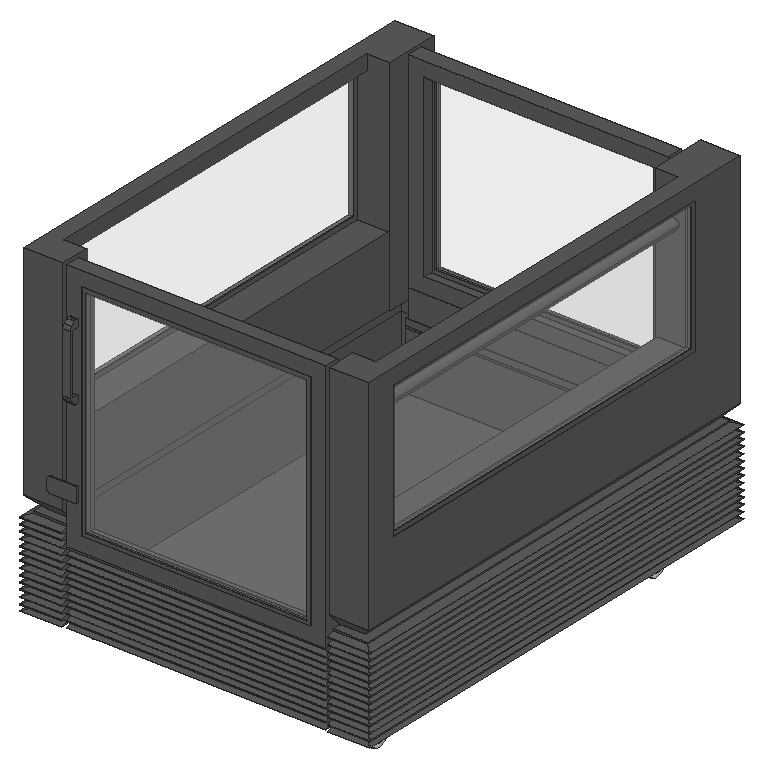
Revit family "Lift_Wheelchair_Ascension_Virtuoso-Portable", category Specialty Equipment, Revit 2026
Family settings
  Round Connector Dimension = Use Diameter
  Part Type = Normal
  Classification Number = 23.50.05.14.17.11
  Work Plane-Based = No
  Enable Cutting in Views = No
  Always vertical = Yes
  Cut with Voids When Loaded = No
  Maintain Annotation Orientation = No
  Shared = No
  Room Calculation Point = No
Parameters (values of type "as Specified")
  Warranty Duration (Years) = 0
  Unit Width = 3' - 11 1/4"
  Unit Weight = 1025
  Unit Length = 5' - 4 3/4"
  Unit Height = 3' - 8"
  URL = "http://www.wheelchairlift.com/"
  Type Comments = "Unit can collapse to fit through 36'' entrances"
  Test Data = ""
  Standards Conformance = "ADAAG  ;  ASME 17.1 1996, A18.1  ;  ANSI 117.1"
  Specification = "http://www.arcat.com/sdspecs/htm04/14_42_16asc.htm"
  SpecWizard = ""
  Send Message = ""
  Sales Information = "http://www.wheelchairlift.com/about/where-to-buy"
  Revision = "R1_2015-08"
  Product Properties = ""
  Product Data = "http://www.arcat.com/arcatcos/cos30/arc30670.html"
  Platform Clear Width = 3' - 0"
  Platform Clear Length = 4' - 6 1/4"
  Model = "Virtuoso 5460P"
  Max Height = 0' - 0"
  Manufacturer Website = "http://www.wheelchairlift.com/"
  Manufacturer Phone - Toll Free = "800-459-0400"
  Manufacturer Phone = "520-881-3993"
  Manufacturer Fax = "520-881-4983"
  Manufacturer Address = "3526 E. Ft. Lowell Rd. Tucson, AZ 85716"
  Manufacturer = "Ascension"
  Maintenance Schedule (Months) = 0
  Lift Travel Speed = "7 ft/min"
  Lift Height = 5' - 0"
  Keynote = "14420"
  Installation-Fabrication = ""
  Installation Phase = ""
  Green Building-LEED = ""
  Glazing Type [instance] = "Thermoplastic Panels"
  Glazing Tint [instance] = Plastic- Ascension - Clear
  Frame Finish [instance] = Steel - Ascension - Black Powdercoat
  Expected Lifespan (Years) = 0
  Electrical_Voltage = 120 V
  Electrical_Phase = 1
  Electrical_Frequency = 60 Hz
  Electrical_Amperage = 13 A
  Drawn By = "Sumex Design, Inc."
  Description = "Ascension Portable Wheelchair Vertical Lift - Virtuoso 5460P as Specified"
  Default Elevation = 0' - 0"
  Copyright = "©Arcat Inc."  # constant formula
  Construction Details = ""
  Clearance Height = 0' - 0"
  Clearance Depth = 0' - 0"
  Casters Visible [instance] = yes
  Caster Height [instance] = if(Casters Visible, 0' 4 1/4", 0' 0")  # 0' - 4 1/4"
  Capacity = "1 Person Occupancy @ 750 lbs"
  Building Codes = ""
  Available Options = "as Specified"
  Assembly Code = "D1010310"
Reference planes (in)
  plane 1 "Center (Front/Back)": y = 0
  plane 2: z = 0
  plane 3 "Center (Left/Right)": x = 0
  plane 4 "Left": x = -18
  plane 5 "Right": x = 18
  plane 6 "Front Door": y = -27.745
  plane 7 "Back Door": y = 26.575
  plane 8: x = -23.375
  plane 9: x = 23.375
  plane 10 "Back": y = 31.375
  plane 11 "Front": y = -31.375
  plane 12: z = 48.25
  plane 13 "top window": z = 46.25
  plane 14: z = 7.49996
  plane 15: x = -19
  plane 16: x = 19
  plane 17 "Landing": y = 32.375
  plane 18: x = -22.6875
  plane 19: x = 22.6875
  plane 20: z = 4.25
  plane 21 "Wheel Left": x = -18.9375
  plane 22 "Wheel Right": x = 18.9375
  plane 23 "Wheel Back": y = 24.375
  plane 24 "Wheel Front": y = -27.375
  plane 25: y = 23.885
  plane 26: y = -27.155
  plane 27 "bottom window": z = 27.75
  plane 28: z = 18.25
  plane 29: y = -23.875
  plane 30: z = 43.875
  plane 31: z = 16.25
  plane 32: z = 16.755
  plane 33: y = -27.425
  plane 34: z = 28.25
  plane 35: z = 45.75
Forms (in)
  Extrusion 1, solid, material "Steel - Ascension - Black Powdercoat" <- "Frame Finish"
    sketch origin (0, 0, 0) x (1, 0, 0) y (0, 1, 0)
      loop
        line (-23.375, 31.375) -> (-23.375, 23.885) -> (-18, 23.885) -> (-18, 31.375) -> (-23.375, 31.375)
      loop
        line (-23.375, -31.375) -> (-18, -31.375) -> (-18, -27.375) -> (-23.375, -27.375) -> (-23.375, -31.375)
      loop
        line (18, 31.375) -> (18, 23.885) -> (23.375, 23.885) -> (23.375, 31.375) -> (18, 31.375)
      loop
        line (18, -31.375) -> (23.375, -31.375) -> (23.375, -27.375) -> (18, -27.375) -> (18, -31.375)
    from 18.25 to 48.25
  Extrusion 2, solid, material "Steel - Ascension - Black Powdercoat" <- "Frame Finish"
    sketch origin (0, 0, 5.875) x (0, 1, 0) y (0, 0, 1)
      loop
        line (29.125, -1.625) -> (29.125, 1.25) -> (-19.375, 1.25) -> (-26.375, 0.25) -> (-27.375, -1.625) -> (29.125, -1.625)
    from -18 to 18
  Extrusion 3, solid, material "Plastic- Ascension - Clear" <- "Glazing Tint"
    sketch origin (0, 0, 0) x (1, 0, 0) y (0, 1, 0)
      loop
        line (-23.125, 23.635) -> (-23.125, -26.875) -> (-22.6875, -26.875) -> (-22.6875, 23.635) -> (-23.125, 23.635)
      loop
        line (22.6875, 23.385) -> (22.6875, -26.875) -> (23.125, -26.875) -> (23.125, 23.385) -> (22.6875, 23.385)
    from 28.25 to 45.75
  Extrusion 4, solid, material "Steel - Ascension - Black Powdercoat" <- "Frame Finish"
    sketch origin (8.48588, -27.745, -7.68467) x (-1, 0, 0) y (0, 0, 1)
      loop
        circle (-11.82289, 49.93467) r 0.75
    from 0.59 to 51.63
  Sweep 5, solid, material "Steel - Ascension - Black Powdercoat" <- "Frame Finish"
    path origin (0, 0, 0) x (0, 1, 0) y (0, 0, 1)
      loop
        line (23.885, 27.75) -> (23.885, 46.25) -> (-27.375, 46.25) -> (-27.375, 27.75) -> (23.885, 27.75)
    profile origin (0, -1.745, 27.75) x (0, 0, -1) y (1, 0, 0)
      loop
        line (0, -23.1875) -> (0, -22.4375) -> (-0.5, -22.4375) -> (-0.5, -23.1875) -> (0, -23.1875)
      loop
        line (0, 22.4375) -> (0, 23.1875) -> (-0.5, 23.1875) -> (-0.5, 22.4375) -> (0, 22.4375)
  Sweep 6, solid, material "Steel - Ascension - Black Powdercoat" <- "Frame Finish"
    path origin (0, 0, 0) x (1, 0, 0) y (0, 1, 0)
      loop
        line (18, 31.375) -> (23.375, 31.375) -> (23.375, -31.375) -> (18, -31.375)
    profile origin (20.6875, 31.375, 0) x (0, 1, 0) y (0, 0, 1)
      loop
        line (0, 18.25) -> (-4, 18.25) -> (-4, 16.25) -> (-2, 16.25) -> (0, 18.25)
  Sweep 7, solid, material "Steel - Ascension - Black Powdercoat" <- "Frame Finish"
    path origin (0, 0, 0) x (1, 0, 0) y (0, 1, 0)
      loop
        line (-18, -31.375) -> (-23.375, -31.375) -> (-23.375, 31.375) -> (-18, 31.375)
    profile origin (-20.6875, -31.375, 0) x (0, -1, 0) y (0, 0, 1)
      loop
        line (0, 18.25) -> (-4, 18.25) -> (-4, 16.25) -> (-2, 16.25) -> (0, 18.25)
  Sweep 8, solid, material "Steel - Ascension - Black Powdercoat" <- "Frame Finish"
    path origin (-38.80895, -180, 4.25) x (-1, 0, 0) y (0, -1, 0)
      loop
        line (-56.80895, -148.625) -> (-62.18395, -148.625) -> (-62.18395, -211.375) -> (-15.43395, -211.375) -> (-15.43395, -148.625) -> (-20.80895, -148.625)
    profile origin (20.6875, -31.375, 4.25) x (0, 1, 0) y (0, 0, 1)
      loop
        line (3.95, 12) -> (0.75, 12) -> (0.75, 11.78) -> (-0.25, 11.44) -> (-0.25, 11.34) -> (0.75, 11) -> (0.75, 10.9) -> (-0.25, 10.56) -> (-0.25, 10.46) -> (0.75, 10.12) -> (0.75, 10.02) -> (-0.25, 9.68) -> (-0.25, 9.58) -> (0.75, 9.24) -> (0.75, 9.14) -> (-0.25, 8.8) -> (-0.25, 8.7) -> (0.75, 8.36) -> (0.75, 8.26) -> (-0.25, 7.92) -> (-0.25, 7.82) -> (0.75, 7.48) -> (0.75, 7.38) -> (-0.25, 7.04) -> (-0.25, 6.94) -> (0.75, 6.6) -> (0.75, 6.5) -> (-0.25, 6.16) -> (-0.25, 6.06) -> (0.75, 5.72) -> (0.75, 5.62) -> (-0.25, 5.28) -> (-0.25, 5.18) -> (0.75, 4.84) -> (0.75, 4.74) -> (-0.25, 4.4) -> (-0.25, 4.3) -> (0.75, 3.96) -> (0.75, 3.86) -> (-0.25, 3.52) -> (-0.25, 3.42) -> (0.75, 3.08) -> (0.75, 2.98) -> (-0.25, 2.64) -> (-0.25, 2.54) -> (0.75, 2.2) -> (0.75, 2.1) -> (-0.25, 1.76) -> (-0.25, 1.66) -> (0.75, 1.32) -> (0.75, 1.22) -> (-0.25, 0.88) -> (-0.25, 0.78) -> (0.75, 0.44) -> (0.75, 0.34) -> (-0.25, 0) -> (3.95, 0) -> (3.95, 12)
  Extrusion 9, void
    sketch origin (0, 26.575, 0) x (-1, 0, 0) y (0, 0, 1)
      loop
        line (-18, 16.25) -> (-18, 15) -> (18, 15) -> (18, 16.25) -> (-18, 16.25)
    from -2.69 to 12
  Extrusion 10, solid, material "Steel - Ascension - Black Powdercoat"
    sketch origin (-37.67978, -9.1015, 16.25) x (-1, 0, 0) y (0, -1, 0)
      loop
        line (-19.67978, -35.6765) -> (-55.67978, -35.6765) -> (-55.67978, -36.6765) -> (-19.67978, -36.6765) -> (-19.67978, -35.6765)
    from -12 to 0
  Extrusion 11, solid, material "Steel - Ascension - Black Powdercoat"
    sketch origin (29.19949, 0, 16.755) x (1, 0, 0) y (0, 1, 0)
      loop
        line (-47.19949, 32.375) -> (-47.19949, 26.575) -> (-11.19949, 26.575) -> (-11.19949, 32.375) -> (-47.19949, 32.375)
    from -1.755 to -1.505
  Extrusion 12, solid, material "Steel - Ascension - Black Powdercoat" <- "Frame Finish"
    sketch origin (23.375, 31.18445, 48) x (0, 1, 0) y (0, 0, 1)
      loop
        line (-58.55945, 0.25) -> (-58.55945, -1.75) -> (-7.29945, -1.75) -> (-7.29945, 0.25) -> (-58.55945, 0.25)
    from 0 to -2.25
  Extrusion 13, solid, material "Steel - Ascension - Black Powdercoat" <- "Frame Finish"
    sketch origin (-23.375, 31.18445, 48) x (0, 1, 0) y (0, 0, 1)
      loop
        line (-58.55945, 0.25) -> (-58.55945, -1.75) -> (-7.29945, -1.75) -> (-7.29945, 0.25) -> (-58.55945, 0.25)
    from 0 to 2.25
  Extrusion 14, solid, material "Steel - Ascension - Black Powdercoat" <- "Frame Finish"
    sketch origin (23.375, 31.18445, 48) x (0, 1, 0) y (0, 0, 1)
      loop
        line (-7.29945, -20.25) -> (-58.55945, -20.25) -> (-58.55945, -29.75) -> (-7.29945, -29.75) -> (-7.29945, -20.25)
    from 0 to -5.1875
  Extrusion 15, solid, material "Steel - Ascension - Black Powdercoat" <- "Frame Finish"
    sketch origin (-23.375, 31.18445, 48) x (0, 1, 0) y (0, 0, 1)
      loop
        line (-7.29945, -20.25) -> (-58.55945, -20.25) -> (-58.55945, -29.75) -> (-7.29945, -29.75) -> (-7.29945, -20.25)
    from 0 to 5.1875
  Extrusion 16, solid, material "Steel - Ascension - Black Powdercoat" <- "Frame Finish"
    sketch origin (0, -27.745, 0) x (-1, 0, 0) y (0, 0, 1)
      loop
        line (20.9375, 4.25) -> (20.9375, 5.03) -> (-20.9375, 5.03) -> (-20.9375, 4.25) -> (20.9375, 4.25)
    from -1.63 to 56.87
  Extrusion 17, solid, material "Steel - Ascension - Black Powdercoat" <- "Frame Finish"
    sketch origin (-50.01252, 31.375, 48) x (-1, 0, 0) y (0, 0, 1)
      loop
        line (-30.32502, -0.08299) -> (-30.32502, -6.08299) -> (-28.45002, -6.08299) -> (-28.45002, -0.08299) -> (-30.32502, -0.08299)
    from 0 to 0.125
  Extrusion 18, solid, material "Steel - Ascension - Black Powdercoat" <- "Frame Finish"
    sketch origin (-50.01252, 31.375, 48) x (-1, 0, 0) y (0, 0, 1)
      loop
        line (-29.8147, -1.76501) -> (-29.8147, -4.51501) -> (-28.9397, -4.51501) -> (-28.9397, -1.76501) -> (-29.8147, -1.76501)
    from 0 to 0.75
Cuts and joins
  joined: Extrusion 1, Sweep 7, Extrusion 12, Extrusion 13, Extrusion 14, Extrusion 15
  Extrusion 9 cuts Sweep 8
  joined: Extrusion 2, Sweep 8, Extrusion 16
Lines and regions (in)
  model lines
    curve 1: line (23.375, -19.375, 26.75) -> (23.375, -19.375, 19.25)
    curve 2: line (23.375, -19.375, 19.25) -> (23.375, -5.375, 19.25)
    curve 3: line (23.375, -5.375, 19.25) -> (23.375, -5.375, 26.75)
    curve 4: line (23.375, -5.375, 26.75) -> (23.375, -19.375, 26.75)
    curve 5: line (-23.375, -19.375, 26.75) -> (-23.375, -19.375, 19.25)
    curve 6: line (-23.375, -19.375, 19.25) -> (-23.375, -5.375, 19.25)
    curve 7: line (-23.375, -5.375, 19.25) -> (-23.375, -5.375, 26.75)
    curve 8: line (-23.375, -5.375, 26.75) -> (-23.375, -19.375, 26.75)
Dimensions and locks (in)
  equal spacing: plane 10 "Back", plane 1 "Center (Front/Back)", plane 11 "Front"
  equal spacing: plane 4 "Left", plane 3 "Center (Left/Right)", plane 5 "Right"
  equal spacing: plane 8, plane 3 "Center (Left/Right)", plane 9
  locked: plane 12 to plane 13 "top window" at 2
  locked: plane 5 "Right" to plane 16 at 1
  locked: plane 15 to plane 4 "Left" at 1
  locked: plane 17 "Landing" to plane 10 "Back" at 1
  plane 8 to plane 18 = 0' - 0 11/16"
  plane 19 to plane 9 = 0' - 0 11/16"
  "Caster Height": plane 20 to level
  "Unit Height": plane 12 to plane 20
  plane 21 "Wheel Left" to plane 8 = 0' - 4 7/16"
  plane 9 to plane 22 "Wheel Right" = 0' - 4 7/16"
  locked: plane 10 "Back" to plane 23 "Wheel Back" at 7
  locked: plane 24 "Wheel Front" to plane 11 "Front" at 4
  plane 10 "Back" to plane 25 = 0' - 7.49"
  plane 26 to plane 11 "Front" = 0' - 4.22"
  plane 25 to plane 29 = 3' - 11.76"
  plane 31 to plane 14 to plane 20 = 0' - 8.75004" locked, 0' - 3.24996" locked
  locked: plane 12 to plane 30 at 4.375
  plane 28 to plane 32 to plane 31 = 0' - 1.495" locked, 0' - 0.505" locked
  locked: plane 12 to plane 35 at 2.5
  locked: plane 34 to plane 27 "bottom window" at 0.5
  locked: plane 12 to plane 27 "bottom window" at 20.5
  locked: plane 31 to Extrusion 9 sketch curve at 1.25
  Extrusion 18 sketch curve to Extrusion 18 sketch curve to plane 12 = 0' - 2 3/4" locked, 0' - 2.01501" locked
  Extrusion 17 sketch curve to Extrusion 17 sketch curve to plane 12 = 0' - 6" locked, 0' - 0.33299" locked
  aligned and locked: level to plane 2
  aligned and locked: Extrusion 1 to plane 11 "Front"  (x2)
  aligned and locked: plane 10 "Back" to Extrusion 1  (x2)
  aligned and locked: plane 4 "Left" to Extrusion 1
  aligned and locked: Extrusion 1 to plane 8
  aligned and locked: Extrusion 1 to plane 5 "Right"
  aligned and locked: plane 9 to Extrusion 1
  aligned and locked: plane 12 to Extrusion 1
  aligned and locked: plane 5 "Right" to Extrusion 2
  aligned and locked: Extrusion 2 to plane 4 "Left"
  aligned and locked: plane 21 "Wheel Left" to nested 4
  aligned and locked: plane 21 "Wheel Left" to nested 1
  aligned and locked: plane 22 "Wheel Right" to nested 2
  aligned and locked: plane 22 "Wheel Right" to nested 3
  aligned and locked: plane 25 to Sweep 5 sketch curve
  aligned and locked: plane 27 "bottom window" to Sweep 5 sketch curve
  aligned and locked: plane 12 to nested 5
  aligned and locked: nested 6 to plane 12
  aligned and locked: Sweep 7 sketch curve to plane 28
  aligned and locked: plane 31 to Sweep 7 sketch curve
  aligned and locked: Sweep 6 sketch curve to plane 28
  aligned and locked: plane 31 to Sweep 6 sketch curve
  aligned and locked: Sweep 8 sketch curve to plane 20
  aligned and locked: plane 31 to Sweep 8 sketch curve
  aligned and locked: Extrusion 3 to plane 35
  aligned and locked: plane 34 to Extrusion 3
  aligned and locked: Extrusion 1 to plane 28
Automatic sketch dimensions
  plane 16 to Extrusion 4 sketch curve = 0' - 1.30877"
  Extrusion 4 sketch curve to plane 30 = 0' - 1 5/8"
  Sweep 5 sketch curve to profile plane = 0' - 0"  (x2)
  Sweep 5 sketch curve to plane 3 "Center (Left/Right)" = 1' - 11 3/16"
  plane 3 "Center (Left/Right)" to Sweep 5 sketch curve = 1' - 10 7/16"
  Sweep 5 sketch curve to Sweep 5 sketch curve = 0' - 0 3/4"  (x2)
  Sweep 5 sketch curve to plane 24 "Wheel Front" = 0' - 0"
  Sweep 5 sketch curve to plane 13 "top window" = 0' - 0"
  profile plane to Sweep 5 sketch curve = 0' - 0 1/2"  (x2)
  Extrusion 1 sketch curve to plane 8 = 0' - 0"  (x2)
  Extrusion 1 sketch curve to plane 4 "Left" = 0' - 0"  (x2)
  Extrusion 1 sketch curve to plane 5 "Right" = 0' - 0"  (x2)
  Extrusion 1 sketch curve to plane 9 = 0' - 0"  (x2)
  Extrusion 1 sketch curve to plane 11 "Front" = 0' - 0"  (x2)
  plane 24 "Wheel Front" to Extrusion 1 sketch curve = 0' - 0"  (x2)
  Extrusion 1 sketch curve to plane 25 = 0' - 0"  (x2)
  Extrusion 1 sketch curve to plane 10 "Back" = 0' - 0"  (x2)
  Extrusion 2 sketch curve to plane 20 = 0' - 0"
  Extrusion 2 sketch curve to plane 24 "Wheel Front" = 0' - 0"
  plane 26 to Extrusion 2 sketch curve = 0' - 0.78"
  Extrusion 2 sketch curve to plane 14 = 0' - 0.37496"
  plane 29 to Extrusion 2 sketch curve = 0' - 4 1/2"
  Extrusion 2 sketch curve to plane 10 "Back" = 0' - 2 1/4"
  Extrusion 2 sketch curve to plane 14 = 0' - 1.37496"
  Extrusion 3 sketch curve to plane 18 = 0' - 0"
  Extrusion 3 sketch curve to plane 19 = 0' - 0"
  plane 8 to Extrusion 3 sketch curve = 0' - 0 1/4"
  Extrusion 3 sketch curve to plane 9 = 0' - 0 1/4"
  plane 26 to Extrusion 3 sketch curve = 0' - 0.28"
  Extrusion 3 sketch curve to plane 29 = 0' - 3"
  Extrusion 3 sketch curve to plane 25 = 0' - 0 1/2"
  Extrusion 3 sketch curve to plane 25 = 0' - 0 1/4"
  Sweep 6 sketch curve to plane 5 "Right" = 0' - 0"  (x2)
  Sweep 6 sketch curve to plane 9 = 0' - 0"
  Sweep 6 sketch curve to plane 11 "Front" = 0' - 0"
  Sweep 6 sketch curve to plane 10 "Back" = 0' - 0"
  Sweep 7 sketch curve to plane 8 = 0' - 0"
  Sweep 7 sketch curve to plane 4 "Left" = 0' - 0"  (x2)
  Sweep 7 sketch curve to plane 11 "Front" = 0' - 0"
  Sweep 7 sketch curve to plane 10 "Back" = 0' - 0"
  Sweep 8 sketch curve to plane 9 = 0' - 0"
  Sweep 8 sketch curve to plane 5 "Right" = 0' - 0"
  Sweep 8 sketch curve to plane 4 "Left" = 0' - 0"
  Sweep 8 sketch curve to plane 8 = 0' - 0"
  Sweep 8 sketch curve to plane 10 "Back" = 0' - 0"
  Sweep 8 sketch curve to plane 11 "Front" = 0' - 0"  (x2)
  Extrusion 9 sketch curve to plane 5 "Right" = 0' - 0"
  Extrusion 9 sketch curve to plane 4 "Left" = 0' - 0"
  Extrusion 9 sketch curve to plane 32 = 0' - 0.505"
  Extrusion 12 sketch curve to plane 13 "top window" = 0' - 0"
  Extrusion 12 sketch curve to plane 24 "Wheel Front" = 0' - 0"
  Extrusion 12 sketch curve to plane 25 = 0' - 0"
  Extrusion 12 sketch curve to plane 12 = 0' - 0"
  Extrusion 13 sketch curve to plane 13 "top window" = 0' - 0"
  Extrusion 13 sketch curve to plane 24 "Wheel Front" = 0' - 0"
  Extrusion 13 sketch curve to plane 12 = 0' - 0"
  Extrusion 13 sketch curve to plane 25 = 0' - 0"
  Extrusion 14 sketch curve to plane 24 "Wheel Front" = 0' - 0"
  Extrusion 14 sketch curve to plane 25 = 0' - 0"
  Extrusion 14 sketch curve to plane 28 = 0' - 0"
  Extrusion 14 sketch curve to plane 27 "bottom window" = 0' - 0"
  Extrusion 15 sketch curve to plane 24 "Wheel Front" = 0' - 0"
  Extrusion 15 sketch curve to plane 25 = 0' - 0"
  Extrusion 15 sketch curve to plane 28 = 0' - 0"
  Extrusion 15 sketch curve to plane 27 "bottom window" = 0' - 0"
  Extrusion 1 to curve 3 = 0' - 8 1/2"
  Extrusion 1 to curve 3 = 2' - 5.26"
  Extrusion 1 to curve 2 = 0' - 1"
  curve 2 to curve 2 = 1' - 2"
  Extrusion 1 to curve 5 = 0' - 1"
  Extrusion 1 to curve 5 = 0' - 8"
  curve 5 to curve 7 = 1' - 2"
  curve 5 to curve 5 = 0' - 7 1/2"
  Extrusion 16 sketch curve to plane 20 = 0' - 0"
  Extrusion 16 sketch curve to plane 19 = 0' - 1 3/4"
  plane 20 to Extrusion 16 sketch curve = 0' - 0.78"
  plane 18 to Extrusion 16 sketch curve = 0' - 1 3/4"
  profile plane to Sweep 8 sketch curve = 0' - 0 1/4"  (x14)
  Sweep 8 sketch curve to profile plane = 0' - 0 3/4"
  Sweep 8 sketch curve to Sweep 8 sketch curve = 0' - 0"  (x13)
  plane 20 to Sweep 8 sketch curve = 0' - 0.34"
  Sweep 8 sketch curve to Sweep 8 sketch curve = 0' - 3.2"
  Sweep 8 sketch curve to Sweep 8 sketch curve = 0' - 0.1"  (x26)
  plane 20 to Sweep 8 sketch curve = 0' - 0.78"
  Sweep 8 sketch curve to Sweep 8 sketch curve = 0' - 0.78"  (x24)
  Sweep 8 sketch curve to Sweep 8 sketch curve = 0' - 0.22"
  Extrusion 17 sketch curve to plane 15 = 0' - 0 11/16"
  plane 18 to Extrusion 17 sketch curve = 0' - 1 1/8"
  Extrusion 18 sketch curve to plane 15 = 0' - 1.19782"
  Extrusion 18 sketch curve to Extrusion 18 sketch curve = 0' - 0 7/8"
  Sweep 7 sketch curve to profile plane = 0' - 0"
  profile plane to Sweep 7 sketch curve = 0' - 2"
  Sweep 7 sketch curve to Sweep 7 sketch curve = 0' - 2"
  Sweep 6 sketch curve to profile plane = 0' - 0"
  profile plane to Sweep 6 sketch curve = 0' - 2"
  Sweep 6 sketch curve to Sweep 6 sketch curve = 0' - 2"
  Extrusion 11 sketch curve to plane 4 "Left" = 0' - 0"
  Extrusion 11 sketch curve to plane 5 "Right" = 0' - 0"
  Extrusion 11 sketch curve to plane 7 "Back Door" = 0' - 0"
  Extrusion 11 sketch curve to plane 17 "Landing" = 0' - 0"
  Extrusion 10 sketch curve to plane 5 "Right" = 0' - 0"
  Extrusion 10 sketch curve to plane 4 "Left" = 0' - 0"
  Extrusion 10 sketch curve to plane 7 "Back Door" = 0' - 0"
  Extrusion 10 sketch curve to Extrusion 10 sketch curve = 0' - 1"
  radius of Extrusion 4 sketch curve = 0' - 0 3/4"
Nested families (in)
  nested 1: "Ascension_Wheel" at (-18.9375, -25, 0), visible <- "Casters Visible", type "Ascension_Wheel"
  nested 2: "Ascension_Wheel" at (18.9375, -25, 0), visible <- "Casters Visible", type "Ascension_Wheel"
  nested 3: "Ascension_Wheel" at (18.9375, 22, 0), visible <- "Casters Visible", type "Ascension_Wheel"
  nested 4: "Ascension_Wheel" at (-18.9375, 22, 0), visible <- "Casters Visible", type "Ascension_Wheel"
  nested 5: "Ascension_Door_Virtuoso_Lower_Level" at (0, -29.375, 0.5), Glass Type <- "Glazing Tint", Frame Material <- "Frame Finish", Material <- "Frame Finish", Door Material <- "Frame Finish", type "Ascension_Door_Virtuoso_Lower_Level"
    with Material Steel - Ascension - Black Powdercoat, Glass Type Plastic- Ascension - Clear, Frame Material Steel - Ascension - Black Powdercoat, Door Material Steel - Ascension - Black Powdercoat
  nested 6: "Ascension_Door_Virtuoso_Upper_Level" at (0, 26.575, 0.5), Glass Type <- "Glazing Tint", Frame Material <- "Frame Finish", Material <- "Frame Finish", Door Material <- "Frame Finish", type "Ascension_Door_Virtuoso_Upper_Level"
    with catch plate no, Material Steel - Ascension - Black Powdercoat, Glass Type Plastic- Ascension - Clear, Frame Material Steel - Ascension - Black Powdercoat, Door Material Steel - Ascension - Black Powdercoat, Door Width 2' - 11 1/8"
Connectors (in)
  electrical at (-20.6875, 31.375, 33.25), driven by "Electrical_Phase", driven by "Electrical_Voltage"
    settings: on cut or joined group of Extrusion 1, Sweep 7, Extrusion 12, Extrusion 13, Extrusion 14, Extrusion 15, index 1, voltage 120 V, apparent load 0 VA, apparent load phase1 0 VA, apparent load phase2 0 VA, apparent load phase3 0 VA, power factor 1, load classification "Other", number of poles 1, system type 31, power factor state 1, is connector primary yes, connector utility no, sub classification motor no, connector description ""
Definition of nested family "Ascension_Wheel"
  Parameters
    Default Elevation = 0' - 0"
  Reference planes (in)
    plane 1 "Center (Front/Back)": y = 0
    plane 2: z = 0
    plane 3 "Center (Left/Right)": x = 0
    plane 4: z = 5.875
    plane 5: z = 2.5
    plane 6: x = -0.625
    plane 7: x = 0.625
    plane 8: x = -0.875
    plane 9: x = 0.875
  Forms (in)
    Extrusion 1, solid
      sketch origin (0, 0, 2.5) x (0, 1, 0) y (0, 0, 1)
        loop
          circle (0, -1) r 1.5
      from -0.625 to 0.625
    Extrusion 2, solid
      sketch origin (0, 0, 0) x (0, 1, 0) y (0, 0, 1)
        loop
          line (-1, 4.625) -> (-1, 3.54129) -> (-0.55295, 1.14677)
          arc (-0.55295, 1.14677) -> (0, 0.6875) -> (0.55295, 1.14677) r 0.5625
          line (0.55295, 1.14677) -> (1, 3.54129) -> (1, 4.625) -> (-1, 4.625)
      from -0.875 to 0.875
    Extrusion 3, void
      sketch origin (0, 0, 0) x (1, 0, 0) y (0, 1, 0)
        loop
          line (-0.625, 1.55079) -> (-0.625, -1.44921) -> (0.625, -1.44921) -> (0.625, 1.55079) -> (-0.625, 1.55079)
      from 0 to 5.875
  Cuts and joins
    Extrusion 3 cuts Extrusion 2
  Dimensions and locks (in)
    plane 4 to level = 0' - 5 7/8"
    plane 5 to level = 0' - 2 1/2"
    equal spacing: plane 6, plane 3 "Center (Left/Right)", plane 7
    plane 6 to plane 7 = 0' - 1 1/4"
    plane 8 to plane 6 = 0' - 0 1/4"
    plane 7 to plane 9 = 0' - 0 1/4"
    aligned and locked: plane 2 to level
    aligned and locked: Extrusion 1 to plane 6
    aligned and locked: plane 7 to Extrusion 1
    aligned and locked: Extrusion 2 to plane 8
    aligned and locked: plane 9 to Extrusion 2
    aligned and locked: plane 7 to Extrusion 3
    aligned and locked: Extrusion 3 to plane 6
  Automatic sketch dimensions
    Extrusion 1 sketch curve to plane 1 "Center (Front/Back)" = 0' - 0"
    level to Extrusion 1 sketch curve = 0' - 1 1/2"
    Extrusion 2 sketch curve to plane 4 = 0' - 1 1/4"
    Extrusion 2 sketch curve to plane 1 "Center (Front/Back)" = 0' - 0"
    Extrusion 2 sketch curve to plane 5 = 0' - 1 1/4"
    Extrusion 2 sketch curve to plane 5 = 0' - 1.35323"  (x2)
    plane 1 "Center (Front/Back)" to Extrusion 2 sketch curve = 0' - 0.55295"
    plane 1 "Center (Front/Back)" to Extrusion 2 sketch curve = 0' - 1"
    Extrusion 2 sketch curve to plane 1 "Center (Front/Back)" = 0' - 1"
    Extrusion 2 sketch curve to Extrusion 2 sketch curve = 0' - 1.08371"
    Extrusion 2 sketch curve to plane 4 = 0' - 2.33371"
    plane 8 to Extrusion 3 sketch curve = 0' - 0 1/4"
    Extrusion 3 sketch curve to plane 9 = 0' - 0 1/4"
    plane 1 "Center (Front/Back)" to Extrusion 3 sketch curve = 0' - 1 115/256"
    Extrusion 3 sketch curve to plane 1 "Center (Front/Back)" = 0' - 1 141/256"
    radius of Extrusion 1 sketch curve = 0' - 1 1/2"
Definition of nested family "Ascension_Door_Virtuoso_Lower_Level"
  Parameters
    Material [instance] = none
    Hardware Finish = none
    Handle Material = none
    Glass Type [instance] = none
    Frame Material [instance] = none
    Door Width = 2' - 11"
    Door Material [instance] = none
    Door Height = 3' - 11 3/4"
    Default Elevation = 4' - 0"
  Reference planes (in)
    plane 1 "Back": y = 0
    plane 2: z = 0
    plane 3 "Center (Left/Right)": x = 0
    plane 4 "Front": y = -2
    plane 5: x = -17.5
    plane 6: x = 17.5
    plane 7: z = 47.75
    plane 8: x = -17
    plane 9: x = -16
    plane 10: y = -2.25
    plane 11: z = 13.55
    plane 12: z = 3.7375
    plane 13: z = 4.0775
    plane 14: z = 4.1775
    plane 15: y = -1
    plane 16: z = 4.5175
    plane 17: z = 4.6175
  Forms (in)
    Sweep 1, solid, material <- "Door Material"
      path origin (0, 0, 0) x (1, 0, 0) y (0, 0, 1)
        loop
          line (-17.5, 13.55) -> (17.5, 13.55) -> (17.5, 47.75) -> (-17.5, 47.75) -> (-17.5, 13.55)
      profile origin (0, 0, 13.55) x (0, 0, 1) y (0, -1, 0)
        loop
          line (0, 0) -> (2, 0) -> (2, 2) -> (0, 2) -> (0, 0)
    Sweep 2, solid, material <- "Frame Material"
      path origin (0, 0, 0) x (1, 0, 0) y (0, 0, 1)
        loop
          line (-17.5, 13.55) -> (17.5, 13.55) -> (17.5, 47.75) -> (-17.5, 47.75) -> (-17.5, 13.55)
      profile origin (0, 0, 13.55) x (0, 0, 1) y (0, -1, 0)
        loop
          line (2, 1.25) -> (2.5, 1.25) -> (2.5, 2) -> (2, 2) -> (2, 1.25)
    Extrusion 3, solid, material <- "Glass Type"
      sketch origin (0, 0, 0) x (1, 0, 0) y (0, 1, 0)
        loop
          line (-15, -1.5) -> (-15, -1.75) -> (15, -1.75) -> (15, -1.5) -> (-15, -1.5)
      from 16.05 to 45.25
    Extrusion 4, solid, material <- "Handle Material"
      sketch origin (0, 0, 0) x (0, 1, 0) y (0, 0, 1)
        loop
          line (-2, 41.75) -> (-2.39645, 41.75)
          arc (-2.39645, 41.75) -> (-2.49212, 41.73097) -> (-2.57322, 41.67678) r 0.25
          line (-2.57322, 41.67678) -> (-3.03033, 41.21967)
          arc (-3.03033, 41.21967) -> (-3.19291, 40.97635) -> (-3.25, 40.68934) r 0.75
          line (-3.25, 40.68934) -> (-3.25, 32.56066)
          arc (-3.25, 32.56066) -> (-3.19291, 32.27365) -> (-3.03033, 32.03033) r 0.75
          line (-3.03033, 32.03033) -> (-2.57322, 31.57322)
          arc (-2.57322, 31.57322) -> (-2.49212, 31.51903) -> (-2.39645, 31.5) r 0.25
          line (-2.39645, 31.5) -> (-2, 31.5) -> (-2, 32.5) -> (-2.75, 32.5)
          arc (-2.75, 32.5) -> (-2.92678, 32.57322) -> (-3, 32.75) r 0.25
          line (-3, 32.75) -> (-3, 40.5)
          arc (-3, 40.5) -> (-2.92678, 40.67678) -> (-2.75, 40.75) r 0.25
          line (-2.75, 40.75) -> (-2, 40.75) -> (-2, 41.75)
      from -17 to -16
    Extrusion 5, solid, material <- "Frame Material"
      sketch origin (0, 0, -3.425) x (1, 0, 0) y (0, 0, 1)
        loop
          line (-16, 24.875) -> (-19.5, 24.875)
          arc (-19.5, 24.875) -> (-19.85355, 24.72855) -> (-20, 24.375) r 0.5
          line (-20, 24.375) -> (-20, 23.375)
          arc (-20, 23.375) -> (-19.85355, 23.02145) -> (-19.5, 22.875) r 0.5
          line (-19.5, 22.875) -> (-16, 22.875) -> (-16, 24.875)
      from 2 to 2.25
    Extrusion 6, solid, material <- "Frame Material"
      sketch origin (0, 0, 0) x (0, 1, 0) y (0, 0, 1)
        loop
          line (-2, 3.7375) -> (0, 3.7375) -> (0, 13.55) -> (-2, 13.55) -> (-2, 13.3175) -> (-1, 12.9775) -> (-1, 12.8775) -> (-2, 12.5375) -> (-2, 12.4375) -> (-1, 12.0975) -> (-1, 11.9975) -> (-2, 11.6575) -> (-2, 11.5575) -> (-1, 11.2175) -> (-1, 11.1175) -> (-2, 10.7775) -> (-2, 10.6775) -> (-1, 10.3375) -> (-1, 10.2375) -> (-2, 9.8975) -> (-2, 9.7975) -> (-1, 9.4575) -> (-1, 9.3575) -> (-2, 9.0175) -> (-2, 8.9175) -> (-1, 8.5775) -> (-1, 8.4775) -> (-2, 8.1375) -> (-2, 8.0375) -> (-1, 7.6975) -> (-1, 7.5975) -> (-2, 7.2575) -> (-2, 7.1575) -> (-1, 6.8175) -> (-1, 6.7175) -> (-2, 6.3775) -> (-2, 6.2775) -> (-1, 5.9375) -> (-1, 5.8375) -> (-2, 5.4975) -> (-2, 5.3975) -> (-1, 5.0575) -> (-1, 4.9575) -> (-2, 4.6175) -> (-2, 4.5175) -> (-1, 4.1775) -> (-1, 4.0775) -> (-2, 3.7375)
      from -17.5 to 17.5
  Lines and regions (in)
    symbolic lines
      curve 1: line (17.5, -2, 0) -> (-7.24874, -26.74874, 0)
      curve 2: line (-8.66295, -25.33452, 0) -> (16.08579, -0.58579, 0)
      curve 3: arc (-17.5, -2, 0) -> (-14.83578, -15.39392, 0) -> (-7.24874, -26.74874, 0) r 35
      curve 4: line (-6.18808, -25.68808, 0) -> (-6.0113, -25.86485, 0)
      curve 5: line (-6.0113, -25.86485, 0) -> (-8.83973, -28.69328, 0)
      curve 6: line (-8.83973, -28.69328, 0) -> (-9.0165, -28.5165, 0)
      curve 7: line (-9.0165, -28.5165, 0) -> (-7.24874, -26.74874, 0)
      curve 8: line (17.5, -2, 0) -> (16.08579, -0.58579, 0)
  Dimensions and locks (in)
    equal spacing: plane 5, plane 3 "Center (Left/Right)", plane 6
    locked: plane 4 "Front" to plane 1 "Back" at 2
    "Door Width": plane 5 to plane 6
    "Door Height": plane 7 to level
    Sweep 1 sketch curve to level = 1' - 3.55"
    Extrusion 4 sketch curve to level = 2' - 7 1/2"
    plane 7 to Extrusion 4 sketch curve = 0' - 6"
    plane 5 to plane 8 to plane 9 = 0' - 0 1/2" locked, 0' - 1" locked
    plane 7 to Extrusion 5 sketch curve = 2' - 2.3"
    plane 4 "Front" to plane 10 = 0' - 0 1/4"
    plane 7 to plane 11 = 2' - 10.2"
    plane 7 to Extrusion 4 = 0' - 6"
    plane 7 to Extrusion 5 = 2' - 2.3"
    plane 11 to level = 1' - 1.55"
    plane 11 to plane 12 = 0' - 9 13/16"
    plane 13 to plane 12 = 0' - 0.34"
    plane 14 to plane 13 = 0' - 0.1"
    aligned and locked: level to plane 2
    aligned and locked: Sweep 1 sketch curve to plane 4 "Front"
    aligned and locked: Sweep 1 sketch curve to profile plane
    aligned and locked: profile plane to Sweep 1 sketch curve
    aligned and locked: Extrusion 4 to plane 8
    aligned and locked: plane 9 to Extrusion 4
    aligned and locked: plane 4 "Front" to Extrusion 5
    aligned and locked: Extrusion 5 to plane 10
  Automatic sketch dimensions
    level to Sweep 1 sketch curve = 1' - 1.55"
    Sweep 1 sketch curve to plane 5 = 0' - 0"
    Sweep 1 sketch curve to plane 6 = 0' - 0"
    Sweep 1 sketch curve to plane 7 = 0' - 0"
    plane 1 "Back" to Sweep 2 sketch curve = 0' - 1 1/4"
    Sweep 2 sketch curve to profile plane = 0' - 2"
    plane 4 "Front" to Extrusion 3 sketch curve = 0' - 0 1/4"
    Extrusion 3 sketch curve to plane 3 "Center (Left/Right)" = 1' - 3"
    plane 3 "Center (Left/Right)" to Extrusion 3 sketch curve = 1' - 3"
    plane 1 "Back" to Extrusion 3 sketch curve = 0' - 1 1/2"
    Extrusion 4 sketch curve to plane 4 "Front" = 0' - 0"  (x2)
    Extrusion 4 sketch curve to plane 4 "Front" = 0' - 0.39645"  (x2)
    Extrusion 4 sketch curve to plane 4 "Front" = 0' - 0 1/2"  (x2)
    Extrusion 4 sketch curve to Extrusion 4 sketch curve = 0' - 0.17678"  (x2)
    Extrusion 4 sketch curve to Extrusion 4 sketch curve = 0' - 0 1/4"  (x5)
    Extrusion 4 sketch curve to Extrusion 4 sketch curve = 0' - 0.28033"  (x2)
    Extrusion 4 sketch curve to Extrusion 4 sketch curve = 0' - 0.07322"
    Extrusion 4 sketch curve to Extrusion 4 sketch curve = 0' - 0.45711"
    Extrusion 4 sketch curve to Extrusion 4 sketch curve = 0' - 0.06066"
    Extrusion 4 sketch curve to Extrusion 4 sketch curve = 0' - 1 1/4"
    Extrusion 4 sketch curve to Extrusion 4 sketch curve = 0' - 0.18934"
    Extrusion 5 sketch curve to plane 9 = 0' - 0"
    Extrusion 5 sketch curve to plane 5 = 0' - 2"
    Extrusion 5 sketch curve to Extrusion 5 sketch curve = 0' - 0"
    Extrusion 5 sketch curve to Extrusion 5 sketch curve = 0' - 0 1/2"
    Extrusion 5 sketch curve to Extrusion 5 sketch curve = 0' - 1"
    curve 3 to plane 4 "Front" = 0' - 0"
    curve 3 to plane 5 = 0' - 0"
    curve 8 to plane 4 "Front" = 0' - 0"
    curve 8 to plane 6 = 0' - 0"
    curve 3 to plane 6 = 0' - 0"
    curve 6 to curve 6 = 0' - 0.17678"
    curve 6 to curve 2 = 0' - 0.35355"
    curve 2 to curve 1 = 0' - 1.41421"
    curve 1 to curve 4 = 0' - 1.06066"
    plane 1 "Back" to curve 8 = 0' - 0.58579"
    plane 9 to curve 7 = 0' - 6.9835"
    Sweep 2 sketch curve to plane 5 = 0' - 0"
    Sweep 2 sketch curve to plane 6 = 0' - 0"
    Sweep 2 sketch curve to plane 7 = 0' - 0"
    plane 11 to Sweep 2 sketch curve = 0' - 0"
    Extrusion 6 sketch curve to plane 4 "Front" = 0' - 0"  (x12)
    Extrusion 6 sketch curve to plane 15 = 0' - 0"  (x11)
    Extrusion 6 sketch curve to plane 14 = 0' - 0"
    Extrusion 6 sketch curve to plane 1 "Back" = 0' - 0"
    Extrusion 6 sketch curve to plane 12 = 0' - 0"
    Extrusion 6 sketch curve to plane 13 = 0' - 0"
    Extrusion 6 sketch curve to plane 16 = 0' - 0"
    Extrusion 6 sketch curve to plane 17 = 0' - 0"
    Extrusion 6 sketch curve to plane 11 = 0' - 0"
    plane 17 to Extrusion 6 sketch curve = 0' - 0.34"
    Extrusion 6 sketch curve to Extrusion 6 sketch curve = 0' - 0.1"  (x19)
    Extrusion 6 sketch curve to Extrusion 6 sketch curve = 0' - 0.78"  (x17)
    Extrusion 6 sketch curve to plane 11 = 0' - 0.6725"
    Extrusion 6 sketch curve to plane 11 = 0' - 0.2325"
    Sweep 2 sketch curve to Sweep 2 sketch curve = 0' - 0 1/2"
    Sweep 2 sketch curve to Sweep 2 sketch curve = 0' - 0 3/4"
Definition of nested family "Ascension_Door_Virtuoso_Upper_Level"
  Parameters
    catch plate [instance] = yes
    Material [instance] = none
    Hardware Finish = none
    Handle Material = none
    Glass Type [instance] = none
    Frame Material [instance] = none
    Door Width = 2' - 11"
    Door Material [instance] = none
    Door Height = 3' - 11 3/4"
    Default Elevation = 4' - 0"
  Reference planes (in)
    plane 1 "Back": y = 0
    plane 2: z = 0
    plane 3 "Center (Left/Right)": x = 0
    plane 4 "Front": y = -2
    plane 5: x = -17.5
    plane 6: x = 17.5
    plane 7: z = 47.75
    plane 8: x = -17
    plane 9: x = -16
    plane 10: y = -2.25
    plane 11: z = 19.5
    plane 12: z = 3.7375
    plane 13: z = 15.74
  Forms (in)
    Sweep 1, solid, material <- "Door Material"
      path origin (0, 0, 0) x (1, 0, 0) y (0, 0, 1)
        loop
          line (-17.5, 19.5) -> (17.5, 19.5) -> (17.5, 47.75) -> (-17.5, 47.75) -> (-17.5, 19.5)
      profile origin (0, 0, 19.5) x (0, 0, 1) y (0, -1, 0)
        loop
          line (0, 0) -> (2, 0) -> (2, 2) -> (0, 2) -> (0, 0)
    Sweep 2, solid, material <- "Frame Material"
      path origin (0, 0, 0) x (1, 0, 0) y (0, 0, 1)
        loop
          line (-17.5, 19.5) -> (17.5, 19.5) -> (17.5, 47.75) -> (-17.5, 47.75) -> (-17.5, 19.5)
      profile origin (0, 0, 19.5) x (0, 0, 1) y (0, -1, 0)
        loop
          line (2, 1.25) -> (2.5, 1.25) -> (2.5, 2) -> (2, 2) -> (2, 1.25)
    Extrusion 3, solid, material <- "Glass Type"
      sketch origin (0, 0, 0) x (1, 0, 0) y (0, 1, 0)
        loop
          line (-15, -1.5) -> (-15, -1.75) -> (15, -1.75) -> (15, -1.5) -> (-15, -1.5)
      from 22 to 45.25
    Extrusion 4, solid, material <- "Handle Material"
      sketch origin (0, 0, 0) x (0, 1, 0) y (0, 0, 1)
        loop
          line (-2, 41.75) -> (-2.39645, 41.75)
          arc (-2.39645, 41.75) -> (-2.49212, 41.73097) -> (-2.57322, 41.67678) r 0.25
          line (-2.57322, 41.67678) -> (-3.03033, 41.21967)
          arc (-3.03033, 41.21967) -> (-3.19291, 40.97635) -> (-3.25, 40.68934) r 0.75
          line (-3.25, 40.68934) -> (-3.25, 32.56066)
          arc (-3.25, 32.56066) -> (-3.19291, 32.27365) -> (-3.03033, 32.03033) r 0.75
          line (-3.03033, 32.03033) -> (-2.57322, 31.57322)
          arc (-2.57322, 31.57322) -> (-2.49212, 31.51903) -> (-2.39645, 31.5) r 0.25
          line (-2.39645, 31.5) -> (-2, 31.5) -> (-2, 32.5) -> (-2.75, 32.5)
          arc (-2.75, 32.5) -> (-2.92678, 32.57322) -> (-3, 32.75) r 0.25
          line (-3, 32.75) -> (-3, 40.5)
          arc (-3, 40.5) -> (-2.92678, 40.67678) -> (-2.75, 40.75) r 0.25
          line (-2.75, 40.75) -> (-2, 40.75) -> (-2, 41.75)
      from -17 to -16
    Extrusion 5, solid, material <- "Material"
      sketch origin (0, 0, 0) x (1, 0, 0) y (0, 1, 0)
        loop
          line (-17.5, 0) -> (-17.5, -2) -> (17.5, -2) -> (17.5, 0) -> (-17.5, 0)
      from 15.74 to 19.5
  Lines and regions (in)
    symbolic lines
      curve 1: line (17.5, -2, 0) -> (-7.24874, -26.74874, 0)
      curve 2: line (-8.66295, -25.33452, 0) -> (16.08579, -0.58579, 0)
      curve 3: arc (-17.5, -2, 0) -> (-14.83578, -15.39392, 0) -> (-7.24874, -26.74874, 0) r 35
      curve 8: line (17.5, -2, 0) -> (16.08579, -0.58579, 0)
    symbolic lines, visible <- "catch plate"
      curve 4: line (-6.18808, -25.68808, 0) -> (-6.0113, -25.86485, 0)
      curve 5: line (-6.0113, -25.86485, 0) -> (-9.90039, -29.75394, 0)
      curve 6: line (-9.90039, -29.75394, 0) -> (-10.07716, -29.57716, 0)
      curve 7: line (-10.07716, -29.57716, 0) -> (-7.24874, -26.74874, 0)
  Dimensions and locks (in)
    equal spacing: plane 5, plane 3 "Center (Left/Right)", plane 6
    locked: plane 4 "Front" to plane 1 "Back" at 2
    "Door Width": plane 5 to plane 6
    "Door Height": plane 7 to level
    Sweep 1 sketch curve to plane 11 = 0' - 2"
    Extrusion 4 sketch curve to level = 2' - 7 1/2"
    plane 7 to Extrusion 4 sketch curve = 0' - 6"
    plane 5 to plane 8 to plane 9 = 0' - 0 1/2" locked, 0' - 1" locked
    plane 4 "Front" to plane 10 = 0' - 0 1/4"
    plane 7 to plane 11 = 2' - 4 1/4"
    plane 7 to Extrusion 4 = 0' - 6"
    plane 11 to level = 1' - 7 1/2"
    plane 11 to plane 12 = 1' - 3.7625"
    plane 7 to plane 13 = 2' - 8.01"
    aligned and locked: level to plane 2
    aligned and locked: Sweep 1 sketch curve to plane 4 "Front"
    aligned and locked: Sweep 1 sketch curve to profile plane
    aligned and locked: profile plane to Sweep 1 sketch curve
    aligned and locked: Extrusion 4 to plane 8
    aligned and locked: plane 9 to Extrusion 4
  Automatic sketch dimensions
    level to Sweep 1 sketch curve = 1' - 7 1/2"
    Sweep 1 sketch curve to plane 5 = 0' - 0"
    Sweep 1 sketch curve to plane 6 = 0' - 0"
    Sweep 1 sketch curve to plane 7 = 0' - 0"
    plane 1 "Back" to Sweep 2 sketch curve = 0' - 1 1/4"
    Sweep 2 sketch curve to profile plane = 0' - 2"
    plane 4 "Front" to Extrusion 3 sketch curve = 0' - 0 1/4"
    Extrusion 3 sketch curve to plane 3 "Center (Left/Right)" = 1' - 3"
    plane 3 "Center (Left/Right)" to Extrusion 3 sketch curve = 1' - 3"
    plane 1 "Back" to Extrusion 3 sketch curve = 0' - 1 1/2"
    Extrusion 4 sketch curve to plane 4 "Front" = 0' - 0"  (x2)
    Extrusion 4 sketch curve to plane 4 "Front" = 0' - 0.39645"  (x2)
    Extrusion 4 sketch curve to plane 4 "Front" = 0' - 0 1/2"  (x2)
    Extrusion 4 sketch curve to Extrusion 4 sketch curve = 0' - 0.17678"  (x2)
    Extrusion 4 sketch curve to Extrusion 4 sketch curve = 0' - 0 1/4"  (x5)
    Extrusion 4 sketch curve to Extrusion 4 sketch curve = 0' - 0.28033"  (x2)
    Extrusion 4 sketch curve to Extrusion 4 sketch curve = 0' - 0.07322"
    Extrusion 4 sketch curve to Extrusion 4 sketch curve = 0' - 0.45711"
    Extrusion 4 sketch curve to Extrusion 4 sketch curve = 0' - 0.06066"
    Extrusion 4 sketch curve to Extrusion 4 sketch curve = 0' - 1 1/4"
    Extrusion 4 sketch curve to Extrusion 4 sketch curve = 0' - 0.18934"
    curve 3 to plane 4 "Front" = 0' - 0"
    curve 3 to plane 5 = 0' - 0"
    curve 8 to plane 4 "Front" = 0' - 0"
    curve 8 to plane 6 = 0' - 0"
    curve 3 to plane 6 = 0' - 0"
    curve 6 to curve 6 = 0' - 0.17678"
    curve 6 to curve 2 = 0' - 1.41421"
    curve 2 to curve 1 = 0' - 1.41421"
    curve 1 to curve 4 = 0' - 1.06066"
    plane 1 "Back" to curve 8 = 0' - 0.58579"
    plane 9 to curve 7 = 0' - 5.92284"
    Sweep 2 sketch curve to plane 5 = 0' - 0"
    Sweep 2 sketch curve to plane 6 = 0' - 0"
    Sweep 2 sketch curve to plane 7 = 0' - 0"
    plane 11 to Sweep 2 sketch curve = 0' - 0"
    Extrusion 5 sketch curve to plane 4 "Front" = 0' - 0"
    Extrusion 5 sketch curve to plane 5 = 0' - 0"
    Extrusion 5 sketch curve to plane 6 = 0' - 0"
    plane 1 "Back" to Extrusion 5 sketch curve = 0' - 0"
    Sweep 2 sketch curve to Sweep 2 sketch curve = 0' - 0 1/2"
    Sweep 2 sketch curve to Sweep 2 sketch curve = 0' - 0 3/4"
